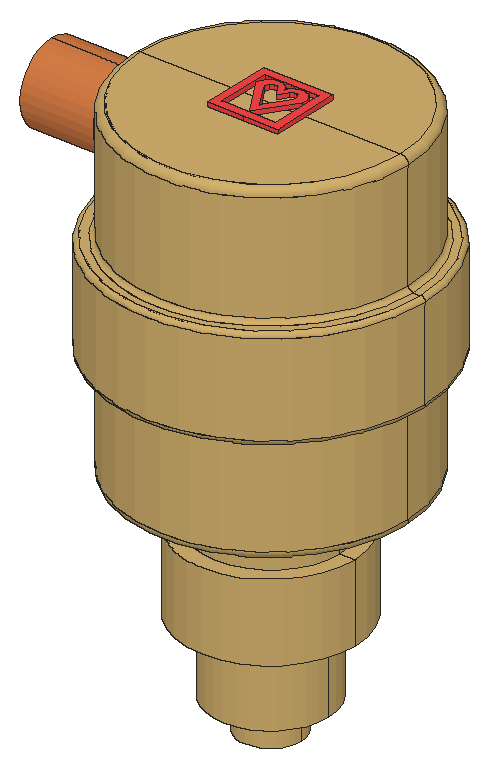
Revit family "Воздухоудалитель с функцией  выпуска воздуха 2630 11 (12)", category Rohrzubehör, Revit 2018
Family settings
  Bemaßung runder Anschluss = Durchmesser verwenden
  Teiletyp = Normal
  OmniClass-Nummer = 23.65.55.14
  OmniClass-Titel = Valves for Liquid Services
  Arbeitsebenenbasiert = Nein
  Immer vertikal = Ja
  Beim Laden mit Abzugskörper schneiden = Nein
  Gemeinsam genutzt = Nein
Parameters
  Поплавок = "Полипропилен"  # constant formula
  Номер заказа [instance] = if(Nennweite = 10.000 mm, 1263011, if(Nennweite = 15.000 mm, 1263012, 0))  # 1263012
  SW = 11.000 mm  # constant formula
  SCRNSEQ = "AWI;AWI_TYP=\"1013\";1"
  SCRNCODE = "05;14;01"  # constant formula
  S05 = 19.000 mm  # constant formula
  S04 = 16.500 mm  # constant formula
  S03 = 24.500 mm  # constant formula
  S02 = 11.000 mm  # constant formula
  S01 = 56.000 mm  # constant formula
  Обратный клапан = "Латунь CW617N, EN 12165"  # constant formula
  Мин. рабочая температура = 0 °C  # constant formula
  Макс. давление на корпусе = 1000000.0 Pa  # constant formula
  Макс. рабочая температура = 110 °C  # constant formula
  URL = "www.herz-armaturen.ru"
  R02 = 0.600 mm  # constant formula
  R01 = 1.000 mm  # constant formula
  Nennweite [instance] = 15.000 mm
  Среда = "Качество  теплоносителя в соответствии с ÖNORM H5195 и/или предписаниями VDI-Standard 2035.\nРазрешается использование смеси этилен или пропиленгликоля в соотношении 25-50% с водой. Прокладки EPDM могут быть подвержены воздействию минеральных смазочных масел, что может служить причиной выхода из строя данных уплотнений. Пожалуйста, обратитесь к документации производителя, при использовании этиленгликоля и пропиленгликоля в целях защиты от замерзания."
  Макс. рабочее давление = 1000000.0 Pa  # constant formula
  L04 = L02 - L03  # 18.800 mm
  L03 = 9.500 mm  # constant formula
  L02 = 28.300 mm  # constant formula
  L01 = 4.000 mm  # constant formula
  Hersteller = "Herz-Armaturen GmbH"  # constant formula
  H11 = 10.000 mm  # constant formula
  H10 = 2.500 mm  # constant formula
  H09 [instance] = if(Nennweite = 10.000 mm, 30.000 mm, 26.000 mm)  # 26.000 mm
  H08 = H00 - 1.000 mm  # 55.000 mm
  H07 = H00 - 7.500 mm  # 48.500 mm
  H06 = 2.500 mm  # constant formula
  H05 = 9.000 mm  # constant formula
  H04 = 14.500 mm  # constant formula
  H03 = 15.500 mm  # constant formula
  H02 = 13.000 mm  # constant formula
  H01 = 9.500 mm  # constant formula
  H00 = 56.000 mm  # constant formula
  Корпус = "штампованная латунь в соответствии с EN 12165, CW617N"  # constant formula
  G1 [instance] = Nennweite / 2  # 7.500 mm
  G = 5.000 mm  # constant formula
  Уплотнение = "EPDM"  # constant formula
  Крышка корпуса = "штампованная латунь в соответствии с EN 12165, CW617N"  # constant formula
  D08 = 4.000 mm  # constant formula
  D07 = 9.000 mm  # constant formula
  D06 = 3.400 mm  # constant formula
  D05 = 5.100 mm  # constant formula
  D04 = 12.500 mm  # constant formula
  D03 = 11.000 mm  # constant formula
  D02 = 20.000 mm  # constant formula
  D01 = 17.800 mm  # constant formula
  Наружная резьба подключения = "в соответствии с ISO 228"  # constant formula
  Область применения = "Воздухоотводчик используется для удаления воздуха в системах отопления и холодоснабжения. Клапаны должны быть размещены рядом с котлом или же в самых высоких точках системы, чтобы обеспечить удаление воздуха из системы."
  Колпачок = "ABS пластик, цвет красный"  # constant formula
Reference planes
  plane 1 "Mitte (Vorne/hinten)": y = 0
  plane 2: z = 0
  plane 3 "Mitte (Links/rechts)": x = 0
Forms (mm)
  Revolve 1, solid, material "Messing", detail levels fine
    sketch origin (0, 0, 0) x (1, 0, 0) y (0, 0, 1)
      loop
        line (0, 56) -> (-16.8, 56)
        arc (-16.8, 56) -> (-17.507, 55.707) -> (-17.8, 55) r 1
        line (-17.8, 55) -> (-17.8, 41.1)
        arc (-17.8, 41.1) -> (-17.976, 40.676) -> (-18.4, 40.5) r 0.6
        line (-18.4, 40.5) -> (-19.4, 40.5)
        arc (-19.4, 40.5) -> (-19.824, 40.324) -> (-20, 39.9) r 0.6
        line (-20, 39.9) -> (-20, 28.1)
        arc (-20, 28.1) -> (-19.824, 27.676) -> (-19.4, 27.5) r 0.6
        line (-19.4, 27.5) -> (-18.4, 27.5)
        arc (-18.4, 27.5) -> (-17.976, 27.324) -> (-17.8, 26.9) r 0.6
        line (-17.8, 26.9) -> (-17.8, 14)
        arc (-17.8, 14) -> (-17.507, 13.293) -> (-16.8, 13) r 1
        line (-16.8, 13) -> (-13.8, 13) -> (-9, 9.5) -> (-5, 9.5) -> (-5, 0) -> (0, 0) -> (0, 56)
      axis (0, 56) -> (0, 0)
    angle from 0 to 360
  Revolve 2, solid, material "Messing", detail levels fine
    sketch origin (0, 0, 0) x (1, 0, 0) y (0, 0, 1)
      loop
        line (0, 48.5) -> (0, 51.9) -> (-18.8, 51.9) -> (-18.8, 48.5) -> (0, 48.5)
      axis (-18.8, 48.5) -> (0, 48.5)
    angle from 0 to 360
  Revolve 3, solid, material "Kunststoff-Orange", detail levels fine
    sketch origin (0, 0, 0) x (1, 0, 0) y (0, 0, 1)
      loop
        line (-28.3, 48.5) -> (-18.8, 48.5) -> (-18.8, 53.6) -> (-28.3, 53.6) -> (-28.3, 48.5)
      axis (-28.3, 48.5) -> (-18.8, 48.5)
    angle from 0 to 360
  Revolve 4, solid, material "Messing", detail levels fine
    sketch origin (0, 0, 0) x (1, 0, 0) y (0, 0, 1)
      loop
        line (-5, 9.5) -> (-9, 9.5) -> (-9, 7) -> (-11, 7) -> (-11, -3) -> (-7.5, -3) -> (-7.5, -12.5) -> (-4, -12.5) -> (-4, -16.5) -> (0, -16.5) -> (0, 0) -> (-5, 0) -> (-5, 9.5)
      axis (0, 9.5) -> (0, -16.5)
    angle from 0 to 360
Lines and regions (mm)
  model lines, detail levels coarse+medium
    curve 1: line (0, 0, 56) -> (-12.587, 0, 43.413)
    curve 2: line (0, 0, 56) -> (12.587, 0, 43.413)
    curve 3: circle (0, 0, 31.5) r 11 normal (0, -1, 0)
    curve 4: line (0, 0, 42.5) -> (0, 0, 56)
    curve 5: line (0, 0, 20.5) -> (0, 0, 0)
    curve 6: line (-9.5, 0, 0) -> (9.5, 0, 0)
    curve 7: line (9.5, 0, 0) -> (-8.886, 0, -16.5)
    curve 8: line (-8.886, 0, -16.5) -> (10.114, 0, -16.5)
    curve 9: circle (-8.886, 0, -16.5) r 5 normal (0, -1, 0)
    curve 10: line (0, 0, 56) -> (0, -12.587, 43.413)
    curve 11: line (0, 0, 56) -> (0, 12.587, 43.413)
    curve 12: circle (0, 0, 31.5) r 11 normal (1, 0, 0)
    curve 13: line (0, -9.5, 0) -> (0, 9.5, 0)
    curve 14: line (0, 9.5, 0) -> (0, -9.5, -16.5)
    curve 15: line (0, -9.5, -16.5) -> (0, 9.5, -16.5)
    curve 16: circle (0, -9.5, -16.5) r 5 normal (1, 0, 0)
    curve 17: line (0, 56, 0) -> (-12.587, 43.413, 0)
    curve 18: line (-12.587, 43.413, 0) -> (0, 56, 0)
    curve 19: line (0, 56, 0) -> (12.587, 43.413, 0)
    curve 20: circle (0, 31.5, 0) r 11 normal (0, 0, 1)
    curve 21: line (0, 42.5, 0) -> (0, 56, 0)
    curve 22: line (0, 20.5, 0) -> (0, 0, 0)
    curve 23: line (-9.5, 0, 0) -> (9.5, 0, 0)
    curve 24: line (9.5, 0, 0) -> (-9.5, -16.5, 0)
    curve 25: line (-9.5, -16.5, 0) -> (9.5, -16.5, 0)
    curve 26: circle (-9.5, -16.5, 0) r 5 normal (0, 0, 1)
Dimensions and locks
  "H02": Revolve 1 sketch curve to Revolve 1 sketch curve
  "H03": Revolve 1 sketch curve to Revolve 1 sketch curve
  "H04": Revolve 1 sketch curve to Revolve 1 sketch curve
  "L01": Revolve 1 sketch curve to Revolve 1 sketch curve  (x2)
  "D01": Revolve 1 sketch curve to Revolve 1 sketch curve  (x2)
  "D02": Revolve 1 sketch curve to Revolve 1 sketch curve
  "H07": Revolve 2 sketch curve to plane 2
  "D06": Revolve 2 sketch curve to Revolve 2 sketch curve
  "L02": plane 3 "Mitte (Links/rechts)" to Revolve 3 sketch curve
  "L03": Revolve 3 sketch curve to Revolve 3 sketch curve
  "D05": Revolve 3 sketch curve to Revolve 3 sketch curve
  "H07": Revolve 3 sketch curve to plane 2
  "L04": plane 3 "Mitte (Links/rechts)" to Revolve 2 sketch curve
  "H08": nested 1 to plane 2
  "G": Revolve 1 sketch curve to Revolve 1 sketch curve
  "H00": Revolve 1 sketch curve to Revolve 1 sketch curve
  "H01": Revolve 1 sketch curve to Revolve 1 sketch curve
  "G1": Revolve 4 sketch curve to Revolve 4 sketch curve
  "D07": Revolve 4 sketch curve to Revolve 4 sketch curve
  "D08": Revolve 4 sketch curve to Revolve 4 sketch curve
  "H09": Revolve 4 sketch curve to Revolve 4 sketch curve
  "H01": Revolve 4 sketch curve to Revolve 4 sketch curve  (x2)
  "H10": Revolve 4 sketch curve to Revolve 4 sketch curve
  "H11": Revolve 4 sketch curve to Revolve 4 sketch curve
  "SW": Revolve 4 sketch curve to Revolve 4 sketch curve
  "G": Revolve 4 sketch curve to Revolve 4 sketch curve
  "S01": curve 4 to plane 2
  "D01": curve 1 to curve 1
  "D01": curve 2 to curve 2
  "S03": curve 4 to curve 3
  "S05": curve 6 to curve 7
  "S05": curve 8 to curve 8
  "S04": curve 6 to curve 8
  "S01": curve 11 to plane 2
  "D01": curve 10 to curve 10
  "D01": curve 11 to curve 11
  "S03": curve 11 to curve 12
  "S04": curve 15 to curve 13
  "S05": curve 13 to curve 14
  "S05": curve 15 to curve 15
  "S01": plane 1 "Mitte (Vorne/hinten)" to curve 19
  "S03": curve 19 to curve 20
  "D01": curve 18 to curve 18
  "D01": curve 19 to curve 19
  "S05": curve 23 to curve 24
  "S05": curve 25 to curve 24
  "S04": curve 25 to curve 23
  "R01": radius of Revolve 1 sketch curve  (x2)
  "R02": radius of Revolve 1 sketch curve  (x4)
  "S02": radius of curve 3
  "S02": radius of curve 12
  "S02": radius of curve 20
  angle curve 1 to curve 4 = 45.00°
  angle curve 4 to curve 2 = 45.00°
  angle curve 10 to plane 1 "Mitte (Vorne/hinten)" = 45.00°
  angle plane 1 "Mitte (Vorne/hinten)" to curve 11 = 45.00°
  angle curve 18 to curve 21 = 45.00°
  angle curve 21 to curve 19 = 45.00°
  aligned and locked: level to plane 2
Automatic sketch dimensions
  curve 13 to level = 0.000 mm
  curve 10 to plane 1 "Mitte (Vorne/hinten)" = 0.000 mm
  curve 12 to plane 1 "Mitte (Vorne/hinten)" = 0.000 mm
  plane 1 "Mitte (Vorne/hinten)" to curve 14 = 9.500 mm
  curve 16 to curve 14 = 0.000 mm  (x2)
  curve 13 to plane 1 "Mitte (Vorne/hinten)" = 9.500 mm
  curve 6 to level = 0.000 mm
  curve 4 to plane 3 "Mitte (Links/rechts)" = 0.000 mm
  curve 5 to plane 3 "Mitte (Links/rechts)" = 0.000 mm
  curve 3 to plane 3 "Mitte (Links/rechts)" = 0.000 mm
  curve 9 to plane 3 "Mitte (Links/rechts)" = 8.886 mm
  curve 8 to curve 9 = 0.000 mm
  plane 3 "Mitte (Links/rechts)" to curve 6 = 9.500 mm
  curve 9 to curve 7 = 0.000 mm
  plane 1 "Mitte (Vorne/hinten)" to curve 23 = 0.000 mm
  curve 21 to plane 3 "Mitte (Links/rechts)" = 0.000 mm
  curve 22 to plane 3 "Mitte (Links/rechts)" = 0.000 mm
  curve 20 to plane 3 "Mitte (Links/rechts)" = 0.000 mm
  curve 26 to plane 3 "Mitte (Links/rechts)" = 9.500 mm
  curve 24 to curve 26 = 0.000 mm
  curve 22 to curve 23 = 9.500 mm
  curve 26 to curve 24 = 0.000 mm
  Revolve 1 sketch curve to level = 0.000 mm
  Revolve 1 sketch curve to plane 3 "Mitte (Links/rechts)" = 0.000 mm
  plane 3 "Mitte (Links/rechts)" to Revolve 1 sketch curve = 0.000 mm
  Revolve 1 sketch curve to Revolve 1 sketch curve = 2000.000 mm
  Revolve 1 sketch curve to Revolve 1 sketch curve = 1932.500 mm
  Revolve 2 sketch curve to plane 3 "Mitte (Links/rechts)" = 0.000 mm  (x2)
  Revolve 2 sketch curve to Revolve 2 sketch curve = 0.000 mm  (x2)
  Revolve 3 sketch curve to Revolve 3 sketch curve = 0.000 mm  (x3)
  Revolve 4 sketch curve to level = 0.000 mm
  Revolve 4 sketch curve to plane 3 "Mitte (Links/rechts)" = 0.000 mm  (x2)
  Revolve 4 sketch curve to Revolve 4 sketch curve = 340.545 mm
  Revolve 4 sketch curve to Revolve 4 sketch curve = 2204.815 mm
  radius of curve 16 = 5.000 mm
  radius of curve 9 = 5.000 mm
  radius of curve 26 = 5.000 mm
Nested families
  nested 1: "Herz-Logo" at (0, 0, 55), type "Herz-Logo", detail levels fine
Connectors
  piping at (0, 0, -12.5), diameter 15, driven by "Nennweite"
    settings: on Revolve 4, index 1, connector inside diameter 609.6 mm, connector length 0.000 mm, flow factor 0, pipe flow 0.0 L/s, pressure drop 0.0 Pa, fitting loss kfactor 0, connector angle 0.00°, fixture units 0, engagement length 0.000 mm, angle of deflection 0.00°, flow configuration 0, flow direction 0, fitting loss method 0, system type 7, joint type 0, gender type 0, connector reference index -1, connector utility 0, adjustable connector no, is connector primary yes, connector description ""
Definition of nested family "Herz-Logo"
  Reference planes
    plane 1 "Mitte (Vorne/hinten)": y = 0
    plane 2: z = 0
    plane 3 "Mitte (Links/rechts)": x = 0
  Forms (mm)
    Extrusion 1, solid
      sketch origin (0, 0, 0) x (1, 0, 0) y (0, 1, 0)
        loop
          line (-0.018, -4.517) -> (4.482, -4.517) -> (4.482, 4.483) -> (-4.518, 4.483) -> (-4.518, -4.517) -> (-0.018, -4.517)
        loop
          line (-0.05, -3.48) -> (3.482, -3.48) -> (3.482, 3.483) -> (-3.518, 3.483) -> (-3.518, -3.48) -> (-0.05, -3.48)
        loop
          arc (-0.018, 2.383) -> (-1.543, 3.287) -> (-3.067, 2.383) r 1.738
          arc (-3.067, 2.383) -> (-3.191, 1.899) -> (-3.067, 1.415) r 1.009
          line (-3.067, 1.415) -> (-0.018, -3.281) -> (3.032, 1.415)
          arc (3.032, 1.415) -> (3.156, 1.899) -> (3.032, 2.383) r 1.009
          arc (3.032, 2.383) -> (1.507, 3.287) -> (-0.018, 2.383) r 1.738
        loop
          arc (1.885, 1.272) -> (2.005, 1.675) -> (1.885, 2.079) r 0.74
          arc (1.885, 2.079) -> (1.265, 2.416) -> (0.644, 2.079) r 0.74
          line (0.644, 2.079) -> (-0.018, 0.97) -> (-0.679, 2.079)
          arc (-0.679, 2.079) -> (-1.3, 2.416) -> (-1.921, 2.079) r 0.74
          arc (-1.921, 2.079) -> (-2.04, 1.675) -> (-1.921, 1.272) r 0.74
          line (-1.921, 1.272) -> (-0.018, -1.658) -> (1.885, 1.272)
      from 0 to 1.5
  Dimensions and locks
    aligned and locked: level to plane 2
